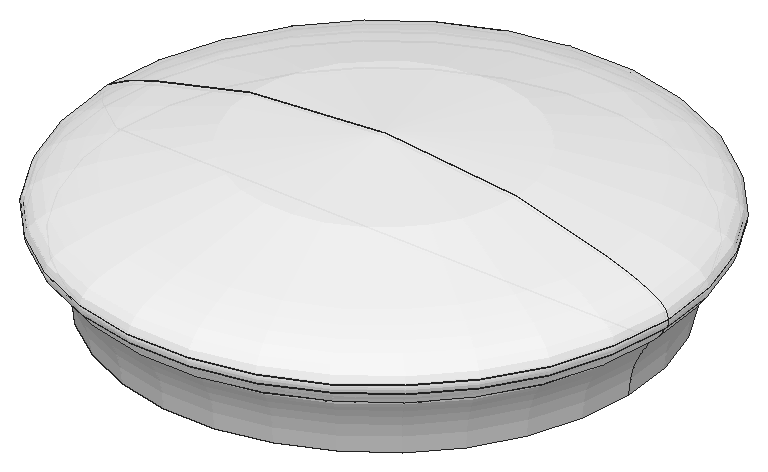
Revit family "0043413", category Lighting Devices, host Face, Revit 2023
Family settings
  Host = Face
  Round Connector Dimension = Use Diameter
  Part Type = Normal
  OmniClass Number = 23.80.70.00
  OmniClass Title = Lighting
  Cut with Voids When Loaded = No
  Maintain Annotation Orientation = No
  Shared = No
  Room Calculation Point = No
Parameters (values of type "START SURFACE IP54 2500-4000 830/840 EM")
  Weight = "1.34 kg"
  Wattage Comments = ""
  WarrantyStartDate [instance] = "n/a"
  WarrantyGuarantorParts = "n/a"
  WarrantyDurationUnit = "Years"
  WarrantyDurationParts = "5"
  WarrantyDescription = "http://www.sylvania-group.com"
  Voltage = 230 V
  URL = "http://www.sylvania-group.com"
  TypeName = "START Surface IP54 - 400mm"
  Type Image = <None>
  Type IFC Predefined Type = "IfcLightFixtureType"
  Type Comments = "n/a"
  SerialNumber [instance] = "n/a"
  Material_3_SYL = none
  PowerFactor = 0.8
  PowerConsumption = "36 W"
  NominalLength = NominalDepth  # 400 mm
  NominalHeight = if(NominalDepth = 300 mm, 94 mm, 105 mm)  # 105 mm
  NominalDepth = 400 mm
  Name = "START SURFACE IP54 2500-4000 830/840 EM"
  ModelReference = Name  # "START SURFACE IP54 2500-4000 830/840 EM"
  ModelNumber = "0043413"
  Model = Name  # "START SURFACE IP54 2500-4000 830/840 EM"
  Material = "Polycarbonate"
  ManufacturerName = Manufacturer  # "Feilo Sylvania"
  Manufacturer = "Feilo Sylvania"
  LuminousEfficacy = "111 lm/W"
  LuminaireType = "Ceiling / surface mounting"
  Light10_4000K_Emergency [instance] = (LightSettingControl = 10)  # no
  Light9_4000K_36W [instance] = (LightSettingControl = 9)  # no
  Light8_4000K_32W [instance] = (LightSettingControl = 8)  # no
  Light7_4000K_28W [instance] = (LightSettingControl = 7)  # no
  Light6_4000K_24W [instance] = (LightSettingControl = 6)  # no
  Light5_3000K_Emergency [instance] = (LightSettingControl = 5)  # no
  Light4_3000K_36W [instance] = (LightSettingControl = 4)  # no
  Light3_3000K_32W [instance] = (LightSettingControl = 3)  # no
  Light2_3000K_28W [instance] = (LightSettingControl = 2)  # no
  Light1_3000K_24W [instance] = (LightSettingControl = 1)  # yes
  LightSetting [instance] = 1
  LightOutputRatio = ""
  LampsType = Lamp  # "LED"
  LampNominalLuminous = "4000 lm"
  LampMacAdamStep = "6"
  LampColourTemperature = "3000/4000K"
  LampColourRenderingIndex = "80"
  Lamp = "LED"
  Keynote = "16500"
  InstallationDate [instance] = "n/a"
  InputVoltage = "220-240 V"
  InputNominalFrequency = "50/60Hz"
  IngressProtection = "IP54"
  ImpactProtectionIndex = "IK03"
  IfcExportType = "IfcLightFixtureType"
  IfcExportAs = "IfcLightFixtureType"
  Export Type to IFC As = "IfcLightFixtureType"
  ElectricShockClassification = "Class II"
  DocumentationLiterature = "https://www.sylvania-lighting.com/product/en-int/products/0043413/"
  DimmingControlOptions = "n/a"
  Material_2_SYL = PMMA Acrylic_Opal_4000K
  DiffuserRadius = if(NominalDepth = 300 mm, 150 mm, 200 mm)  # 200 mm
  Description = "Ceiling / wall luminaire with integrated LED. Perfect solution for hallways, circulation spaces or foyers. Body Size diameter 400mm. Besa mounting box compatible, hole distance 51 & 78mm. DualTone functionality enables switch between 3000K and 4000K colour temperatures. With the help of DIP Switch multiple lumen outputs can be set up in 4 steps (4000K: 24W 2500lm, 28W 3000lm, 32W 3500lm, 36W 4000lm). Efficacy up to 111lm/W. Non-dimmable. Equipped with integrated self test 3 hours LiFePO4 emergency kit. Lumen output in emergency mode: 400lm (3000K) / 430lm (4000K). IK03, IP54. Low maintenance with lifespan 120,000 hours L70:B50."
  Default Elevation = 1219.2 mm
  CreatedOn = "27/08/2024"
  CreatedBy = "petra.pavlicz@sylvania-lighting.com"
  Cost = 0
  Coefficient of Utilization [instance] = 0
  ClassificationValue = "EF_70_80"
  ClassificationName = "Uniclass2015"
  Material_1_SYL = PC Polycarbonate_RAL 9003_Signal white
  BottomRadius = if(NominalDepth = 300 mm, 130 mm, 172 mm)  # 172 mm
  BodyRadius = if(NominalDepth = 300 mm, 140 mm, 186 mm)  # 186 mm
  BodyHeight = if(NominalDepth = 300 mm, 30 mm, 39.5 mm)  # 39.5 mm
  BarCode [instance] = "n/a"
  AssetType = "Fixed"
  AssetIdentifier [instance] = "n/a"
  Assembly Code = "D5020200"
  Material_4_SYL = none
  Apparent Load = 45 VA
  LightSettingControl [instance] = if(LightSetting < 1, 1, if(LightSetting > 10, 10, LightSetting))  # 1
Reference planes
  plane 1 "Center (Front/Back)": y = 0
  plane 2: z = 0
  plane 3 "Center (Left/Right)": x = 0
  plane 4: y = 200
  plane 5: y = -200
  plane 6: x = -200
  plane 7: x = 200
  plane 8 "Top": z = 105
  plane 9 "Body height": z = 39.5
  plane 10 "Bottom width": x = -172
  plane 11 "Body width": x = -186
  plane 12 "Void": z = 18.7
Forms (mm)
  Extrusion 1, solid, material "PMMA Acrylic_Opal_4000K" <- "Material_2_SYL", detail levels coarse
    sketch origin (0, 0, 0) x (1, 0, 0) y (0, 1, 0)
      loop
        circle (0, 0) r 200
    from 0 to 105
  Revolve 2, solid, material "PC Polycarbonate_RAL 9003_Signal white" <- "Material_1_SYL", detail levels medium+fine
    sketch origin (0, 0, 0) x (1, 0, 0) y (0, 0, 1)
      loop
        line (-172, 0) -> (0, 0) -> (0, 39.5) -> (-186, 39.5)
        spline (-186, 39.5) -> (-186.109, 38.543) -> (-185.648, 37.307) -> (-184.718, 35.748) -> (-183.421, 33.823) -> (-181.858, 31.487) -> (-180.13, 28.698) -> (-178.34, 25.412) -> (-176.588, 21.585) -> (-174.977, 17.174) -> (-173.607, 12.135) -> (-172.581, 6.425) -> (-172, 0)
      axis (0, 39.5) -> (0, 0)
    angle from 0 to 360
  Revolve 3, solid, material "PMMA Acrylic_Opal_4000K" <- "Material_2_SYL", detail levels medium+fine
    sketch origin (0, 0, 0) x (1, 0, 0) y (0, 0, 1)
      loop
        line (-186, 39.5) -> (0, 39.5) -> (0, 41.517) -> (-185.367, 41.517)
        spline (-185.367, 41.517) -> (-186.081, 41.477) -> (-186.74, 41.538) -> (-187.374, 41.722) -> (-188.011, 42.049) -> (-188.68, 42.54) -> (-189.41, 43.216) -> (-190.229, 44.097) -> (-191.166, 45.205) -> (-192.249, 46.561) -> (-193.508, 48.185) -> (-194.971, 50.097) -> (-196.666, 52.32)
        spline (-196.666, 52.32) -> (-196.915, 52.685) -> (-197.139, 53.057) -> (-197.337, 53.435) -> (-197.509, 53.82) -> (-197.655, 54.212) -> (-197.776, 54.611) -> (-197.871, 55.017) -> (-197.94, 55.43) -> (-197.984, 55.85) -> (-198.002, 56.276) -> (-197.994, 56.71) -> (-197.961, 57.15)
        spline (-197.961, 57.15) -> (-195.398, 62.805) -> (-188.98, 67.736) -> (-179.352, 72.201) -> (-167.154, 76.458) -> (-153.031, 80.765) -> (-137.417, 85.26) -> (-120.156, 89.746) -> (-100.985, 93.967) -> (-79.646, 97.664) -> (-55.875, 100.582) -> (-29.414, 102.463) -> (0, 103.051)
        line (0, 103.051) -> (0, 105)
        spline (0, 105) -> (-29.823, 104.298) -> (-56.766, 102.351) -> (-81.045, 99.395) -> (-102.875, 95.668) -> (-122.47, 91.406) -> (-140.044, 86.846) -> (-155.814, 82.225) -> (-169.903, 77.728) -> (-181.929, 73.241) -> (-191.329, 68.543) -> (-197.54, 63.416) -> (-200, 57.64)
        spline (-200, 57.64) -> (-200.022, 57.032) -> (-200.011, 56.433) -> (-199.966, 55.844) -> (-199.886, 55.266) -> (-199.773, 54.697) -> (-199.625, 54.139) -> (-199.444, 53.59) -> (-199.229, 53.052) -> (-198.979, 52.524) -> (-198.696, 52.006) -> (-198.379, 51.498) -> (-198.028, 51)
        spline (-198.028, 51) -> (-196.223, 48.634) -> (-194.666, 46.597) -> (-193.326, 44.869) -> (-192.173, 43.426) -> (-191.175, 42.247) -> (-190.304, 41.308) -> (-189.527, 40.589) -> (-188.815, 40.066) -> (-188.136, 39.718) -> (-187.462, 39.523) -> (-186.76, 39.457) -> (-186, 39.5)
      axis (0, 105) -> (0, 39.5)
    angle from 360 to 0
  Extrusion 4, void
    sketch origin (0, 0, 0) x (1, 0, 0) y (0, 1, 0)
      loop
        circle (0, 0) r 157.5
    from 0 to 18.7
Cuts and joins
  Extrusion 4 cuts Revolve 2
Dimensions and locks
  "NominalDepth": plane 4 to plane 5
  equal spacing: plane 4, plane 1 "Center (Front/Back)", plane 5
  "NominalLength": plane 6 to plane 7
  equal spacing: plane 6, plane 3 "Center (Left/Right)", plane 7
  "NominalHeight": plane 8 "Top" to plane 2
  "BottomRadius": plane 3 "Center (Left/Right)" to plane 10 "Bottom width"
  "BodyRadius": plane 3 "Center (Left/Right)" to plane 11 "Body width"
  "BodyHeight": plane 9 "Body height" to plane 2
  "DiffuserRadius": plane 3 "Center (Left/Right)" to plane 6
  locked: plane 12 "Void" to plane 2 at 18.7
  "NominalDepth": diameter of Extrusion 1 sketch curve
  diameter of cut or joined group of Revolve 2, Extrusion 4 = 315 mm
  aligned and locked: plane 2 to host face
  aligned and locked: level to host face
  aligned and locked: Extrusion 1 to plane 2
  aligned and locked: plane 8 "Top" to Extrusion 1
  aligned and locked: Revolve 2 sketch curve to plane 3 "Center (Left/Right)"
  aligned and locked: Revolve 2 to plane 9 "Body height"
  aligned and locked: Revolve 2 to plane 2
  aligned and locked: plane 10 "Bottom width" to Revolve 2 sketch curve
  aligned and locked: plane 11 "Body width" to Revolve 2 sketch curve
  aligned and locked: Revolve 2 sketch curve to plane 2
  aligned and locked: Revolve 2 sketch curve to plane 9 "Body height"
  aligned and locked: plane 8 "Top" to Revolve 3 sketch curve
  aligned and locked: plane 6 to Revolve 3 sketch curve
  aligned and locked: Revolve 3 sketch curve to plane 9 "Body height"
  aligned and locked: plane 11 "Body width" to Revolve 3 sketch curve
  aligned and locked: cut or joined group of Revolve 2, Extrusion 4 to plane 2
  aligned and locked: cut or joined group of Revolve 2, Extrusion 4 to plane 12 "Void"
  aligned and locked: plane 3 "Center (Left/Right)" to Extrusion 4 sketch curve
  aligned and locked: plane 1 "Center (Front/Back)" to Extrusion 4 sketch curve
  aligned and locked: plane 3 "Center (Left/Right)" to Revolve 3 sketch curve  (x2)
Automatic sketch dimensions
  host sketch curve to host sketch curve = 2438.4 mm  (x2)
  Revolve 2 sketch curve to plane 3 "Center (Left/Right)" = 0 mm
  Revolve 2 sketch curve to level = 609.6 mm
  plane 8 "Top" to Revolve 2 sketch curve = 2515.058 mm
  Revolve 3 sketch curve to plane 3 "Center (Left/Right)" = 0 mm
  plane 6 to Revolve 3 sketch curve = 1.972 mm
  plane 6 to Revolve 3 sketch curve = 2.039 mm
  Revolve 3 sketch curve to Revolve 3 sketch curve = 1.361 mm
  plane 11 "Body width" to Revolve 3 sketch curve = 0.633 mm
  plane 9 "Body height" to Revolve 3 sketch curve = 2.017 mm
  plane 9 "Body height" to Revolve 3 sketch curve = 11.5 mm
  Revolve 3 sketch curve to Revolve 3 sketch curve = 1.32 mm
  Revolve 3 sketch curve to Revolve 3 sketch curve = 4.83 mm
  Revolve 3 sketch curve to Revolve 3 sketch curve = 0.49 mm
  Revolve 3 sketch curve to plane 8 "Top" = 1.949 mm
  Revolve 3 sketch curve to level = 609.6 mm
  Revolve 3 sketch curve to Revolve 3 sketch curve = 2515.058 mm
  plane 1 "Center (Front/Back)" to Extrusion 1 sketch curve = 0 mm
  Extrusion 1 sketch curve to plane 3 "Center (Left/Right)" = 0 mm
  radius of Extrusion 4 sketch curve = 157.5 mm
Nested families
  nested 1: "0043413_3000K_24W_lightsource" at (0, 0, 105) x (-1, 0, 0) z (0, 0, 1), visible <- "Light1_3000K_24W", type "START SURFACE IP54 2500-4000 830/840 EM lightsource"
    with built-in parameter 1114216 (empty or 0)
  nested 2: "0043413_3000K_28W_lightsource" at (0, 0, 105) x (-1, 0, 0) z (0, 0, 1), visible <- "Light2_3000K_28W", type "START SURFACE IP54 2500-4000 830/840 EM lightsource"
    with built-in parameter 1114216 (empty or 0)
  nested 3: "0043413_3000K_32W_lightsource" at (0, 0, 105) x (-1, 0, 0) z (0, 0, 1), visible <- "Light3_3000K_32W", type "START SURFACE IP54 2500-4000 830/840 EM lightsource"
    with built-in parameter 1114216 (empty or 0)
  nested 4: "0043413_3000K_36W_lightsource" at (0, 0, 105) x (-1, 0, 0) z (0, 0, 1), visible <- "Light4_3000K_36W", type "START SURFACE IP54 2500-4000 830/840 EM lightsource"
    with built-in parameter 1114216 (empty or 0)
  nested 5: "0043413_3000K_EM_lightsource" at (0, 0, 105) x (-1, 0, 0) z (0, 0, 1), visible <- "Light5_3000K_Emergency", type "START SURFACE IP54 2500-4000 830/840 EM lightsource"
    with built-in parameter 1114216 (empty or 0)
  nested 6: "0043413_4000K_24W_lightsource" at (0, 0, 105) x (-1, 0, 0) z (0, 0, 1), visible <- "Light6_4000K_24W", type "START SURFACE IP54 2500-4000 830/840 EM lightsource"
    with built-in parameter 1114216 (empty or 0)
  nested 7: "0043413_4000K_28W_lightsource" at (0, 0, 105) x (-1, 0, 0) z (0, 0, 1), visible <- "Light7_4000K_28W", type "START SURFACE IP54 2500-4000 830/840 EM lightsource"
    with built-in parameter 1114216 (empty or 0)
  nested 8: "0043413_4000K_32W_lightsource" at (0, 0, 105) x (-1, 0, 0) z (0, 0, 1), visible <- "Light8_4000K_32W", type "START SURFACE IP54 2500-4000 830/840 EM lightsource"
    with built-in parameter 1114216 (empty or 0)
  nested 9: "0043413_4000K_36W_lightsource" at (0, 0, 105) x (-1, 0, 0) z (0, 0, 1), visible <- "Light9_4000K_36W", type "START SURFACE IP54 2500-4000 830/840 EM lightsource"
    with built-in parameter 1114216 (empty or 0)
  nested 10: "0043413_4000K_EM_lightsource" at (0, 0, 105) x (-1, 0, 0) z (0, 0, 1), type "START SURFACE IP54 2500-4000 830/840 EM lightsource"
    with built-in parameter 1114216 (empty or 0)
Connectors
  electrical at (0, 0, 0), driven by "Apparent Load", driven by "PowerFactor", driven by "Voltage"
    settings: index 1, voltage 230 V, apparent load 45 VA, apparent load phase1 0 VA, apparent load phase2 0 VA, apparent load phase3 0 VA, power factor 0.8, load classification "Lighting", number of poles 1, system type 30, power factor state 1, is connector primary yes, connector utility no, sub classification motor no, connector description ""
Definition of nested family "0043413_3000K_24W_lightsource"
  Parameters (values of type "START SURFACE IP54 2500-4000 830/840 EM lightsource")
    Wattage Comments = "n/a"
    Wattage = 24 W
    built-in parameter 1150110 = 1 (stored number, unit not read)
    URL = "http://www.sylvania-lighting.com"
    Type Image = (empty or 0)
    Type Comments = "n/a"
    built-in parameter 1114217 = 1 (stored number, unit not read)
    Tilt Angle = -90.00°
    built-in parameter 1150109 = 1 (stored number, unit not read)
    built-in parameter 1150134 = (empty or 0)
    built-in parameter 1150113 = 1 (stored number, unit not read)
    Photometric Web File = "0043413_3000K_24W.IES"
    Model = "START SURFACE IP54 2500-4000 830/840 EM lightsource"
    Manufacturer = "Feilo Sylvania"
    built-in parameter 1150105 = 637.23 (stored number, unit not read)
    Lumens = 2664 lm
    built-in parameter 1150115 = 1 (stored number, unit not read)
    built-in parameter 1150137 = (empty or 0)
    built-in parameter 1150139 = (empty or 0)
    built-in parameter 1150112 = 1 (stored number, unit not read)
    built-in parameter 1150114 = 1 (stored number, unit not read)
    Lamp = "LED"
    Keynote = "16500"
    built-in parameter 1150132 = (empty or 0)
    built-in parameter 1150102 = 111
    built-in parameter 1150107 = 3000 (stored number, unit not read)
    built-in parameter 1150138 = (empty or 0)
    built-in parameter 1150106 = 6.3723 (stored number, unit not read)
    Emit from Circle Diameter = 400 mm  # constant formula
    Emit Shape Visible in Rendering = no
    built-in parameter 1150104 = 10.312 (stored number, unit not read)
    Dimming Lamp Color Temperature Shift = (empty or 0)
    Description = ""
    Default Elevation = 1219.2 mm
    Cost = 0
    Color Filter = 16777215
    built-in parameter 1114216 [instance] = (empty or 0)
    built-in parameter 1114218 = 1 (stored number, unit not read)
    built-in parameter 1150133 = 10 (stored number, unit not read)
    Assembly Code = "D5020200"
    Apparent Load = 0 VA
  Reference planes
    plane 1 "Center (Front/Back)": y = 0
    plane 2: z = 0
    plane 3 "Center (Left/Right)": x = 0
  Forms (mm)
    Extrusion 1, solid
      sketch origin (4.2, 0, 0) x (1, 0, 0) y (0, 1, 0)
        loop
          line (-1219.2, 1219.2) -> (-1219.2, -1219.2) -> (1219.2, -1219.2) -> (1219.2, 1219.2) -> (-1219.2, 1219.2)
      from 0 to -68.017
  Dimensions and locks
    aligned and locked: plane 2 to Extrusion 1
    aligned and locked: level to Extrusion 1
Definition of nested family "0043413_3000K_28W_lightsource"
  Parameters (values of type "START SURFACE IP54 2500-4000 830/840 EM lightsource")
    Wattage Comments = "n/a"
    Wattage = 28 W
    built-in parameter 1150110 = 1 (stored number, unit not read)
    URL = "http://www.sylvania-lighting.com"
    Type Image = (empty or 0)
    Type Comments = "n/a"
    built-in parameter 1114217 = 1 (stored number, unit not read)
    Tilt Angle = -90.00°
    built-in parameter 1150109 = 1 (stored number, unit not read)
    built-in parameter 1150134 = (empty or 0)
    built-in parameter 1150113 = 1 (stored number, unit not read)
    Photometric Web File = "0043413_3000K_28W.IES"
    Model = "START SURFACE IP54 2500-4000 830/840 EM lightsource"
    Manufacturer = "Feilo Sylvania"
    built-in parameter 1150105 = 743.43 (stored number, unit not read)
    Lumens = 3108 lm
    built-in parameter 1150115 = 1 (stored number, unit not read)
    built-in parameter 1150137 = (empty or 0)
    built-in parameter 1150139 = (empty or 0)
    built-in parameter 1150112 = 1 (stored number, unit not read)
    built-in parameter 1150114 = 1 (stored number, unit not read)
    Lamp = "LED"
    Keynote = "16500"
    built-in parameter 1150132 = (empty or 0)
    built-in parameter 1150102 = 111
    built-in parameter 1150107 = 3000 (stored number, unit not read)
    built-in parameter 1150138 = (empty or 0)
    built-in parameter 1150106 = 7.4343 (stored number, unit not read)
    Emit from Circle Diameter = 400 mm  # constant formula
    Emit Shape Visible in Rendering = no
    built-in parameter 1150104 = 10.312 (stored number, unit not read)
    Dimming Lamp Color Temperature Shift = (empty or 0)
    Description = ""
    Default Elevation = 1219.2 mm
    Cost = 0
    Color Filter = 16777215
    built-in parameter 1114216 [instance] = (empty or 0)
    built-in parameter 1114218 = 1 (stored number, unit not read)
    built-in parameter 1150133 = 10 (stored number, unit not read)
    Assembly Code = "D5020200"
    Apparent Load = 0 VA
  Reference planes
    plane 1 "Center (Front/Back)": y = 0
    plane 2: z = 0
    plane 3 "Center (Left/Right)": x = 0
  Forms (mm)
    Extrusion 1, solid
      sketch origin (4.2, 0, 0) x (1, 0, 0) y (0, 1, 0)
        loop
          line (-1219.2, 1219.2) -> (-1219.2, -1219.2) -> (1219.2, -1219.2) -> (1219.2, 1219.2) -> (-1219.2, 1219.2)
      from 0 to -68.017
  Dimensions and locks
    aligned and locked: plane 2 to Extrusion 1
    aligned and locked: level to Extrusion 1
Definition of nested family "0043413_3000K_32W_lightsource"
  Parameters (values of type "START SURFACE IP54 2500-4000 830/840 EM lightsource")
    Wattage Comments = "n/a"
    Wattage = 32 W
    built-in parameter 1150110 = 1 (stored number, unit not read)
    URL = "http://www.sylvania-lighting.com"
    Type Image = (empty or 0)
    Type Comments = "n/a"
    built-in parameter 1114217 = 1 (stored number, unit not read)
    Tilt Angle = -90.00°
    built-in parameter 1150109 = 1 (stored number, unit not read)
    built-in parameter 1150134 = (empty or 0)
    built-in parameter 1150113 = 1 (stored number, unit not read)
    Photometric Web File = "0043413_3000K_32W.IES"
    Model = "START SURFACE IP54 2500-4000 830/840 EM lightsource"
    Manufacturer = "Feilo Sylvania"
    built-in parameter 1150105 = 849.64 (stored number, unit not read)
    Lumens = 3552 lm
    built-in parameter 1150115 = 1 (stored number, unit not read)
    built-in parameter 1150137 = (empty or 0)
    built-in parameter 1150139 = (empty or 0)
    built-in parameter 1150112 = 1 (stored number, unit not read)
    built-in parameter 1150114 = 1 (stored number, unit not read)
    Lamp = "LED"
    Keynote = "16500"
    built-in parameter 1150132 = (empty or 0)
    built-in parameter 1150102 = 111
    built-in parameter 1150107 = 3000 (stored number, unit not read)
    built-in parameter 1150138 = (empty or 0)
    built-in parameter 1150106 = 8.4964 (stored number, unit not read)
    Emit from Circle Diameter = 400 mm  # constant formula
    Emit Shape Visible in Rendering = no
    built-in parameter 1150104 = 10.312 (stored number, unit not read)
    Dimming Lamp Color Temperature Shift = (empty or 0)
    Description = ""
    Default Elevation = 1219.2 mm
    Cost = 0
    Color Filter = 16777215
    built-in parameter 1114216 [instance] = (empty or 0)
    built-in parameter 1114218 = 1 (stored number, unit not read)
    built-in parameter 1150133 = 10 (stored number, unit not read)
    Assembly Code = "D5020200"
    Apparent Load = 0 VA
  Reference planes
    plane 1 "Center (Front/Back)": y = 0
    plane 2: z = 0
    plane 3 "Center (Left/Right)": x = 0
  Forms (mm)
    Extrusion 1, solid
      sketch origin (4.2, 0, 0) x (1, 0, 0) y (0, 1, 0)
        loop
          line (-1219.2, 1219.2) -> (-1219.2, -1219.2) -> (1219.2, -1219.2) -> (1219.2, 1219.2) -> (-1219.2, 1219.2)
      from 0 to -68.017
  Dimensions and locks
    aligned and locked: plane 2 to Extrusion 1
    aligned and locked: level to Extrusion 1
Definition of nested family "0043413_3000K_36W_lightsource"
  Parameters (values of type "START SURFACE IP54 2500-4000 830/840 EM lightsource")
    Wattage Comments = "n/a"
    Wattage = 36 W
    built-in parameter 1150110 = 1 (stored number, unit not read)
    URL = "http://www.sylvania-lighting.com"
    Type Image = (empty or 0)
    Type Comments = "n/a"
    built-in parameter 1114217 = 1 (stored number, unit not read)
    Tilt Angle = -90.00°
    built-in parameter 1150109 = 1 (stored number, unit not read)
    built-in parameter 1150134 = (empty or 0)
    built-in parameter 1150113 = 1 (stored number, unit not read)
    Photometric Web File = "0043413_3000K_36W.IES"
    Model = "START SURFACE IP54 2500-4000 830/840 EM lightsource"
    Manufacturer = "Feilo Sylvania"
    built-in parameter 1150105 = 955.84 (stored number, unit not read)
    Lumens = 3996 lm
    built-in parameter 1150115 = 1 (stored number, unit not read)
    built-in parameter 1150137 = (empty or 0)
    built-in parameter 1150139 = (empty or 0)
    built-in parameter 1150112 = 1 (stored number, unit not read)
    built-in parameter 1150114 = 1 (stored number, unit not read)
    Lamp = "LED"
    Keynote = "16500"
    built-in parameter 1150132 = (empty or 0)
    built-in parameter 1150102 = 111
    built-in parameter 1150107 = 3000 (stored number, unit not read)
    built-in parameter 1150138 = (empty or 0)
    built-in parameter 1150106 = 9.5584 (stored number, unit not read)
    Emit from Circle Diameter = 400 mm  # constant formula
    Emit Shape Visible in Rendering = no
    built-in parameter 1150104 = 10.312 (stored number, unit not read)
    Dimming Lamp Color Temperature Shift = (empty or 0)
    Description = ""
    Default Elevation = 1219.2 mm
    Cost = 0
    Color Filter = 16777215
    built-in parameter 1114216 [instance] = (empty or 0)
    built-in parameter 1114218 = 1 (stored number, unit not read)
    built-in parameter 1150133 = 10 (stored number, unit not read)
    Assembly Code = "D5020200"
    Apparent Load = 0 VA
  Reference planes
    plane 1 "Center (Front/Back)": y = 0
    plane 2: z = 0
    plane 3 "Center (Left/Right)": x = 0
  Forms (mm)
    Extrusion 1, solid
      sketch origin (4.2, 0, 0) x (1, 0, 0) y (0, 1, 0)
        loop
          line (-1219.2, 1219.2) -> (-1219.2, -1219.2) -> (1219.2, -1219.2) -> (1219.2, 1219.2) -> (-1219.2, 1219.2)
      from 0 to -68.017
  Dimensions and locks
    aligned and locked: plane 2 to Extrusion 1
    aligned and locked: level to Extrusion 1
Definition of nested family "0043413_3000K_EM_lightsource"
  Parameters (values of type "START SURFACE IP54 2500-4000 830/840 EM lightsource")
    Wattage Comments = "n/a"
    Wattage = 2.9 W
    built-in parameter 1150110 = 1 (stored number, unit not read)
    URL = "http://www.sylvania-lighting.com"
    Type Image = (empty or 0)
    Type Comments = "n/a"
    built-in parameter 1114217 = 1 (stored number, unit not read)
    Tilt Angle = -90.00°
    built-in parameter 1150109 = 1 (stored number, unit not read)
    built-in parameter 1150134 = (empty or 0)
    built-in parameter 1150113 = 1 (stored number, unit not read)
    Photometric Web File = "0043413_3000K_EM.IES"
    built-in parameter 1150142 = "IESNA:LM-63-2002\r\n[TEST] 20231017002M-01\r\n[TESTLAB] \r\n[TESTDATE] 27 Jan 2000\r\n[ISSUEDATE] 27 Jan 2000\r\n[MANUFAC] SYLVANIA\r\n[LUMCAT] 0043413\r\n[LUMINAIRE] START Surface IP44 Multip 4000lm 830 840 EM-3000K §Ú§à|?§Ò©¸\r\n[FLASHAREA] 0.030401\r\n[LAMPCAT] LED\r\n[LAMP] LED\r\nTILT=NONE\r\n1 424.80 1.0 181 4 1 2 -0.400 -0.400 0.000\r\n1.00 1.00 2.90\r\n0.00 1.00 2.00 3.00 4.00 5.00 6.00 7.00 8.00 9.00 10.00 \r\n11.00 12.00 13.00 14.00 15.00 16.00 17.00 18.00 19.00 \r\n20.00 21.00 22.00 23.00 24.00 25.00 26.00 27.00 28.00 \r\n29.00 30.00 31.00 32.00 33.00 34.00 35.00 36.00 37.00 \r\n38.00 39.00 40.00 41.00 42.00 43.00 44.00 45.00 46.00 \r\n47.00 48.00 49.00 50.00 51.00 52.00 53.00 54.00 55.00 \r\n56.00 57.00 58.00 59.00 60.00 61.00 62.00 63.00 64.00 \r\n65.00 66.00 67.00 68.00 69.00 70.00 71.00 72.00 73.00 \r\n74.00 75.00 76.00 77.00 78.00 79.00 80.00 81.00 82.00 \r\n83.00 84.00 85.00 86.00 87.00 88.00 89.00 90.00 91.00 \r\n92.00 93.00 94.00 95.00 96.00 97.00 98.00 99.00 100.00 \r\n101.00 102.00 103.00 104.00 105.00 106.00 107.00 108.00 \r\n109.00 110.00 111.00 112.00 113.00 114.00 115.00 116.00 \r\n117.00 118.00 119.00 120.00 121.00 122.00 123.00 124.00 \r\n125.00 126.00 127.00 128.00 129.00 130.00 131.00 132.00 \r\n133.00 134.00 135.00 136.00 137.00 138.00 139.00 140.00 \r\n141.00 142.00 143.00 144.00 145.00 146.00 147.00 148.00 \r\n149.00 150.00 151.00 152.00 153.00 154.00 155.00 156.00 \r\n157.00 158.00 159.00 160.00 161.00 162.00 163.00 164.00 \r\n165.00 166.00 167.00 168.00 169.00 170.00 171.00 172.00 \r\n173.00 174.00 175.00 176.00 177.00 178.00 179.00 180.00 \r\n0.00 30.00 60.00 90.00 \r\n105.65 105.56 105.52 105.44 105.31 105.18 105.05 104.84 \r\n104.63 104.42 104.16 103.91 103.57 103.27 102.89 102.50 \r\n102.12 101.65 101.23 100.72 100.21 99.66 99.06 98.47 \r\n97.79 97.15 96.47 95.75 94.99 94.18 93.37 92.48 91.63 \r\n90.74 89.68 88.70 87.68 86.62 85.55 84.49 83.35 82.24 \r\n81.05 79.86 78.63 77.36 76.04 74.72 73.36 71.96 70.56 \r\n69.16 67.71 66.23 64.74 63.25 61.72 60.15 58.58 57.05 \r\n55.44 53.86 52.25 50.68 49.06 47.45 45.84 44.26 42.69 \r\n41.09 39.52 38.02 36.47 34.97 33.50 32.05 30.66 29.36 \r\n28.08 26.79 25.51 24.32 23.10 22.01 20.99 20.01 19.06 \r\n18.18 17.36 16.58 15.89 15.19 14.57 14.01 13.50 13.02 \r\n12.57 12.16 11.81 11.47 11.17 10.90 10.68 10.46 10.26 \r\n10.08 9.93 9.80 9.66 9.54 9.43 9.31 9.20 9.08 8.98 8.84 \r\n8.72 8.62 8.50 8.40 8.31 8.19 8.05 7.92 7.79 7.65 7.51 \r\n7.37 7.23 7.09 6.93 6.80 6.64 6.47 6.33 6.19 6.04 5.88 \r\n5.73 5.56 5.39 5.21 5.03 4.86 4.71 4.59 4.46 4.34 4.23 \r\n4.13 3.98 3.85 3.75 3.72 3.69 3.66 3.63 3.60 3.57 3.47 \r\n3.34 3.23 3.14 3.02 2.91 2.84 2.69 2.52 2.36 2.19 2.02 \r\n1.80 1.55 1.20 0.96 0.82 0.74 0.61 0.61 0.61 0.61 \r\n105.65 105.65 105.61 105.52 105.44 105.31 105.18 105.01 \r\n104.84 104.59 104.37 104.12 103.82 103.44 103.14 102.76 \r\n102.33 101.91 101.44 100.97 100.47 99.91 99.32 98.72 \r\n98.09 97.45 96.77 96.05 95.28 94.52 93.67 92.86 91.97 \r\n91.12 90.19 89.17 88.19 87.17 86.15 85.13 83.98 82.84 \r\n81.65 80.46 79.27 77.95 76.68 75.36 74.00 72.64 71.28 \r\n69.84 68.39 66.91 65.46 63.97 62.45 60.87 59.34 57.77 \r\n56.20 54.59 52.97 51.36 49.79 48.13 46.52 44.94 43.33 \r\n41.79 40.19 38.67 37.14 35.64 34.15 32.70 31.29 29.91 \r\n28.61 27.27 26.07 24.88 23.73 22.59 21.50 20.49 19.49 \r\n18.54 17.72 16.95 16.22 15.56 14.93 14.37 13.83 13.37 \r\n12.92 12.53 12.15 11.81 11.53 11.23 11.00 10.76 10.56 \r\n10.39 10.23 10.07 9.95 9.83 9.73 9.63 9.55 9.46 9.40 9.32 \r\n9.25 9.18 9.12 9.04 8.98 8.90 8.82 8.75 8.65 8.59 8.51 \r\n8.43 8.35 8.27 8.19 8.12 8.03 7.91 7.82 7.73 7.61 7.49 \r\n7.37 7.26 7.12 6.98 6.86 6.72 6.58 6.44 6.30 6.17 6.05 \r\n5.94 5.84 5.70 5.55 5.40 5.20 4.94 4.72 4.52 4.33 4.17 \r\n4.02 3.87 3.70 3.53 3.35 3.19 3.03 2.86 2.66 2.42 2.17 \r\n1.89 1.69 1.62 1.34 1.05 0.83 0.66 0.63 0.63 0.62 \r\n105.65 105.65 105.61 105.56 105.48 105.44 105.31 105.18 \r\n105.01 104.84 104.67 104.42 104.16 103.91 103.57 103.27 \r\n102.93 102.55 102.12 101.70 101.23 100.76 100.25 99.70 \r\n99.15 98.51 97.87 97.19 96.51 95.79 95.03 94.22 93.41 \r\n92.56 91.67 90.74 89.76 88.74 87.72 86.66 85.60 84.49 \r\n83.39 82.20 81.01 79.82 78.59 77.31 76.00 74.68 73.32 \r\n71.96 70.52 69.11 67.67 66.18 64.70 63.17 61.64 60.11 \r\n58.54 56.92 55.35 53.78 52.17 50.51 48.94 47.32 45.71 \r\n44.09 42.46 40.90 39.37 37.77 36.26 34.73 33.27 31.79 \r\n30.36 28.98 27.64 26.37 25.11 23.95 22.79 21.76 20.77 \r\n19.79 18.86 18.00 17.23 16.46 15.78 15.14 14.55 14.01 \r\n13.51 13.06 12.64 12.26 11.90 11.57 11.29 11.04 10.79 \r\n10.59 10.39 10.24 10.10 9.96 9.85 9.74 9.66 9.55 9.48 \r\n9.41 9.33 9.27 9.18 9.13 9.05 8.98 8.90 8.82 8.76 8.67 \r\n8.61 8.54 8.48 8.41 8.34 8.27 8.19 8.11 8.01 7.90 7.78 \r\n7.68 7.57 7.46 7.34 7.20 7.09 6.93 6.78 6.61 6.45 6.30 \r\n6.13 5.99 5.86 5.71 5.61 5.50 5.33 5.13 4.89 4.61 4.32 \r\n4.08 3.88 3.76 3.64 3.49 3.32 3.09 2.85 2.60 2.37 2.15 \r\n1.92 1.79 1.74 1.75 1.52 1.15 0.85 0.66 0.62 0.62 0.62 \r\n105.65 105.65 105.65 105.65 105.65 105.65 105.56 105.44 \r\n105.31 105.18 105.01 104.84 104.59 104.33 104.12 103.82 \r\n103.48 103.14 102.80 102.38 101.95 101.53 101.02 100.51 \r\n99.96 99.40 98.81 98.17 97.49 96.81 96.13 95.37 94.56 \r\n93.80 92.95 92.05 91.16 90.27 89.29 88.32 87.30 86.32 \r\n85.21 84.11 82.92 81.73 80.58 79.31 78.04 76.76 75.44 \r\n74.09 72.68 71.28 69.88 68.44 66.95 65.46 63.93 62.45 \r\n60.87 59.30 57.73 56.07 54.54 52.89 51.27 49.62 48.00 \r\n46.39 44.77 43.16 41.52 39.96 38.40 36.86 35.31 33.83 \r\n32.38 30.91 29.52 28.18 26.88 25.60 24.36 23.21 22.10 \r\n21.00 19.99 18.99 18.06 17.26 16.51 15.82 15.18 14.59 \r\n14.04 13.57 13.11 12.67 12.30 11.95 11.63 11.33 11.08 \r\n10.87 10.65 10.45 10.31 10.14 9.99 9.88 9.77 9.66 9.55 \r\n9.44 9.34 9.24 9.14 9.03 8.94 8.82 8.70 8.57 8.47 8.36 \r\n8.24 8.12 7.96 7.85 7.71 7.60 7.45 7.33 7.23 7.12 7.00 \r\n6.89 6.76 6.67 6.55 6.43 6.30 6.13 5.98 5.85 5.68 5.51 \r\n5.34 5.19 5.06 4.94 4.80 4.66 4.54 4.39 4.26 4.14 3.98 \r\n3.81 3.67 3.50 3.36 3.23 3.08 2.93 2.82 2.74 2.58 2.37 \r\n2.16 1.90 1.77 1.73 1.69 1.39 1.07 0.84 0.68 0.63 0.63 \r\n"
    Model = "START SURFACE IP54 2500-4000 830/840 EM lightsource"
    Manufacturer = "Feilo Sylvania"
    built-in parameter 1150105 = 76.998 (stored number, unit not read)
    Lumens = 321.9 lm
    built-in parameter 1150115 = 1 (stored number, unit not read)
    built-in parameter 1150137 = (empty or 0)
    built-in parameter 1150139 = (empty or 0)
    built-in parameter 1150112 = 1 (stored number, unit not read)
    built-in parameter 1150114 = 1 (stored number, unit not read)
    Lamp = "LED"
    Keynote = "16500"
    built-in parameter 1150132 = (empty or 0)
    built-in parameter 1150102 = 111
    built-in parameter 1150107 = 3000 (stored number, unit not read)
    built-in parameter 1150138 = (empty or 0)
    built-in parameter 1150106 = 0.76998 (stored number, unit not read)
    Emit from Circle Diameter = 400 mm  # constant formula
    Emit Shape Visible in Rendering = no
    built-in parameter 1150104 = 10.312 (stored number, unit not read)
    Dimming Lamp Color Temperature Shift = (empty or 0)
    Description = ""
    Default Elevation = 1219.2 mm
    Cost = 0
    Color Filter = 16777215
    built-in parameter 1114216 [instance] = (empty or 0)
    built-in parameter 1114218 = 1 (stored number, unit not read)
    built-in parameter 1150133 = 10 (stored number, unit not read)
    Assembly Code = "D5020200"
    Apparent Load = 0 VA
  Reference planes
    plane 1 "Center (Front/Back)": y = 0
    plane 2: z = 0
    plane 3 "Center (Left/Right)": x = 0
  Forms (mm)
    Extrusion 1, solid
      sketch origin (4.2, 0, 0) x (1, 0, 0) y (0, 1, 0)
        loop
          line (-1219.2, 1219.2) -> (-1219.2, -1219.2) -> (1219.2, -1219.2) -> (1219.2, 1219.2) -> (-1219.2, 1219.2)
      from 0 to -68.017
  Dimensions and locks
    aligned and locked: plane 2 to Extrusion 1
    aligned and locked: level to Extrusion 1
Definition of nested family "0043413_4000K_24W_lightsource"
  Parameters (values of type "START SURFACE IP54 2500-4000 830/840 EM lightsource")
    Wattage Comments = "n/a"
    Wattage = 24 W
    built-in parameter 1150110 = 1 (stored number, unit not read)
    URL = "http://www.sylvania-lighting.com"
    Type Image = (empty or 0)
    Type Comments = "n/a"
    built-in parameter 1114217 = 1 (stored number, unit not read)
    Tilt Angle = -90.00°
    built-in parameter 1150109 = 1 (stored number, unit not read)
    built-in parameter 1150134 = 12
    built-in parameter 1150113 = 1 (stored number, unit not read)
    Photometric Web File = "0043413_4000K_24W.IES"
    Model = "START SURFACE IP54 2500-4000 830/840 EM lightsource"
    Manufacturer = "Feilo Sylvania"
    built-in parameter 1150105 = 637.23 (stored number, unit not read)
    Lumens = 2664 lm
    built-in parameter 1150115 = 1 (stored number, unit not read)
    built-in parameter 1150137 = (empty or 0)
    built-in parameter 1150139 = (empty or 0)
    built-in parameter 1150112 = 1 (stored number, unit not read)
    built-in parameter 1150114 = 1 (stored number, unit not read)
    Lamp = "LED"
    Keynote = "16500"
    built-in parameter 1150132 = (empty or 0)
    built-in parameter 1150102 = 111
    built-in parameter 1150107 = 4000 (stored number, unit not read)
    built-in parameter 1150138 = (empty or 0)
    built-in parameter 1150106 = 6.3723 (stored number, unit not read)
    Emit from Circle Diameter = 400 mm  # constant formula
    Emit Shape Visible in Rendering = no
    built-in parameter 1150104 = 10.312 (stored number, unit not read)
    Dimming Lamp Color Temperature Shift = (empty or 0)
    Description = ""
    Default Elevation = 1219.2 mm
    Cost = 0
    Color Filter = 16777215
    built-in parameter 1114216 [instance] = (empty or 0)
    built-in parameter 1114218 = 1 (stored number, unit not read)
    built-in parameter 1150133 = 10 (stored number, unit not read)
    Assembly Code = "D5020200"
    Apparent Load = 0 VA
  Reference planes
    plane 1 "Center (Front/Back)": y = 0
    plane 2: z = 0
    plane 3 "Center (Left/Right)": x = 0
  Forms (mm)
    Extrusion 1, solid
      sketch origin (4.2, 0, 0) x (1, 0, 0) y (0, 1, 0)
        loop
          line (-1219.2, 1219.2) -> (-1219.2, -1219.2) -> (1219.2, -1219.2) -> (1219.2, 1219.2) -> (-1219.2, 1219.2)
      from 0 to -68.017
  Dimensions and locks
    aligned and locked: plane 2 to Extrusion 1
    aligned and locked: level to Extrusion 1
Definition of nested family "0043413_4000K_28W_lightsource"
  Parameters (values of type "START SURFACE IP54 2500-4000 830/840 EM lightsource")
    Wattage Comments = "n/a"
    Wattage = 28 W
    built-in parameter 1150110 = 1 (stored number, unit not read)
    URL = "http://www.sylvania-lighting.com"
    Type Image = (empty or 0)
    Type Comments = "n/a"
    built-in parameter 1114217 = 1 (stored number, unit not read)
    Tilt Angle = -90.00°
    built-in parameter 1150109 = 1 (stored number, unit not read)
    built-in parameter 1150134 = 12
    built-in parameter 1150113 = 1 (stored number, unit not read)
    Photometric Web File = "0043413_4000K_28W.IES"
    Model = "START SURFACE IP54 2500-4000 830/840 EM lightsource"
    Manufacturer = "Feilo Sylvania"
    built-in parameter 1150105 = 743.43 (stored number, unit not read)
    Lumens = 3108 lm
    built-in parameter 1150115 = 1 (stored number, unit not read)
    built-in parameter 1150137 = (empty or 0)
    built-in parameter 1150139 = (empty or 0)
    built-in parameter 1150112 = 1 (stored number, unit not read)
    built-in parameter 1150114 = 1 (stored number, unit not read)
    Lamp = "LED"
    Keynote = "16500"
    built-in parameter 1150132 = (empty or 0)
    built-in parameter 1150102 = 111
    built-in parameter 1150107 = 4000 (stored number, unit not read)
    built-in parameter 1150138 = (empty or 0)
    built-in parameter 1150106 = 7.4343 (stored number, unit not read)
    Emit from Circle Diameter = 400 mm  # constant formula
    Emit Shape Visible in Rendering = no
    built-in parameter 1150104 = 10.312 (stored number, unit not read)
    Dimming Lamp Color Temperature Shift = (empty or 0)
    Description = ""
    Default Elevation = 1219.2 mm
    Cost = 0
    Color Filter = 16777215
    built-in parameter 1114216 [instance] = (empty or 0)
    built-in parameter 1114218 = 1 (stored number, unit not read)
    built-in parameter 1150133 = 10 (stored number, unit not read)
    Assembly Code = "D5020200"
    Apparent Load = 0 VA
  Reference planes
    plane 1 "Center (Front/Back)": y = 0
    plane 2: z = 0
    plane 3 "Center (Left/Right)": x = 0
  Forms (mm)
    Extrusion 1, solid
      sketch origin (4.2, 0, 0) x (1, 0, 0) y (0, 1, 0)
        loop
          line (-1219.2, 1219.2) -> (-1219.2, -1219.2) -> (1219.2, -1219.2) -> (1219.2, 1219.2) -> (-1219.2, 1219.2)
      from 0 to -68.017
  Dimensions and locks
    aligned and locked: plane 2 to Extrusion 1
    aligned and locked: level to Extrusion 1
Definition of nested family "0043413_4000K_32W_lightsource"
  Parameters (values of type "START SURFACE IP54 2500-4000 830/840 EM lightsource")
    Wattage Comments = "n/a"
    Wattage = 32 W
    built-in parameter 1150110 = 1 (stored number, unit not read)
    URL = "http://www.sylvania-lighting.com"
    Type Image = (empty or 0)
    Type Comments = "n/a"
    built-in parameter 1114217 = 1 (stored number, unit not read)
    Tilt Angle = -90.00°
    built-in parameter 1150109 = 1 (stored number, unit not read)
    built-in parameter 1150134 = 12
    built-in parameter 1150113 = 1 (stored number, unit not read)
    Photometric Web File = "0043413_4000K_32W.IES"
    Model = "START SURFACE IP54 2500-4000 830/840 EM lightsource"
    Manufacturer = "Feilo Sylvania"
    built-in parameter 1150105 = 849.64 (stored number, unit not read)
    Lumens = 3552 lm
    built-in parameter 1150115 = 1 (stored number, unit not read)
    built-in parameter 1150137 = (empty or 0)
    built-in parameter 1150139 = (empty or 0)
    built-in parameter 1150112 = 1 (stored number, unit not read)
    built-in parameter 1150114 = 1 (stored number, unit not read)
    Lamp = "LED"
    Keynote = "16500"
    built-in parameter 1150132 = (empty or 0)
    built-in parameter 1150102 = 111
    built-in parameter 1150107 = 4000 (stored number, unit not read)
    built-in parameter 1150138 = (empty or 0)
    built-in parameter 1150106 = 8.4964 (stored number, unit not read)
    Emit from Circle Diameter = 400 mm  # constant formula
    Emit Shape Visible in Rendering = no
    built-in parameter 1150104 = 10.312 (stored number, unit not read)
    Dimming Lamp Color Temperature Shift = (empty or 0)
    Description = ""
    Default Elevation = 1219.2 mm
    Cost = 0
    Color Filter = 16777215
    built-in parameter 1114216 [instance] = (empty or 0)
    built-in parameter 1114218 = 1 (stored number, unit not read)
    built-in parameter 1150133 = 10 (stored number, unit not read)
    Assembly Code = "D5020200"
    Apparent Load = 0 VA
  Reference planes
    plane 1 "Center (Front/Back)": y = 0
    plane 2: z = 0
    plane 3 "Center (Left/Right)": x = 0
  Forms (mm)
    Extrusion 1, solid
      sketch origin (4.2, 0, 0) x (1, 0, 0) y (0, 1, 0)
        loop
          line (-1219.2, 1219.2) -> (-1219.2, -1219.2) -> (1219.2, -1219.2) -> (1219.2, 1219.2) -> (-1219.2, 1219.2)
      from 0 to -68.017
  Dimensions and locks
    aligned and locked: plane 2 to Extrusion 1
    aligned and locked: level to Extrusion 1
Definition of nested family "0043413_4000K_36W_lightsource"
  Parameters (values of type "START SURFACE IP54 2500-4000 830/840 EM lightsource")
    Wattage Comments = "n/a"
    Wattage = 36 W
    built-in parameter 1150110 = 1 (stored number, unit not read)
    URL = "http://www.sylvania-lighting.com"
    Type Image = (empty or 0)
    Type Comments = "n/a"
    built-in parameter 1114217 = 1 (stored number, unit not read)
    Tilt Angle = -90.00°
    built-in parameter 1150109 = 1 (stored number, unit not read)
    built-in parameter 1150134 = 12
    built-in parameter 1150113 = 1 (stored number, unit not read)
    Photometric Web File = "0043413_4000K_36W.IES"
    Model = "START SURFACE IP54 2500-4000 830/840 EM lightsource"
    Manufacturer = "Feilo Sylvania"
    built-in parameter 1150105 = 955.84 (stored number, unit not read)
    Lumens = 3996 lm
    built-in parameter 1150115 = 1 (stored number, unit not read)
    built-in parameter 1150137 = (empty or 0)
    built-in parameter 1150139 = (empty or 0)
    built-in parameter 1150112 = 1 (stored number, unit not read)
    built-in parameter 1150114 = 1 (stored number, unit not read)
    Lamp = "LED"
    Keynote = "16500"
    built-in parameter 1150132 = (empty or 0)
    built-in parameter 1150102 = 111
    built-in parameter 1150107 = 4000 (stored number, unit not read)
    built-in parameter 1150138 = (empty or 0)
    built-in parameter 1150106 = 9.5584 (stored number, unit not read)
    Emit from Circle Diameter = 400 mm  # constant formula
    Emit Shape Visible in Rendering = no
    built-in parameter 1150104 = 10.312 (stored number, unit not read)
    Dimming Lamp Color Temperature Shift = (empty or 0)
    Description = ""
    Default Elevation = 1219.2 mm
    Cost = 0
    Color Filter = 16777215
    built-in parameter 1114216 [instance] = (empty or 0)
    built-in parameter 1114218 = 1 (stored number, unit not read)
    built-in parameter 1150133 = 10 (stored number, unit not read)
    Assembly Code = "D5020200"
    Apparent Load = 0 VA
  Reference planes
    plane 1 "Center (Front/Back)": y = 0
    plane 2: z = 0
    plane 3 "Center (Left/Right)": x = 0
  Forms (mm)
    Extrusion 1, solid
      sketch origin (4.2, 0, 0) x (1, 0, 0) y (0, 1, 0)
        loop
          line (-1219.2, 1219.2) -> (-1219.2, -1219.2) -> (1219.2, -1219.2) -> (1219.2, 1219.2) -> (-1219.2, 1219.2)
      from 0 to -68.017
  Dimensions and locks
    aligned and locked: plane 2 to Extrusion 1
    aligned and locked: level to Extrusion 1
Definition of nested family "0043413_4000K_EM_lightsource"
  Parameters (values of type "START SURFACE IP54 2500-4000 830/840 EM lightsource")
    Wattage Comments = "n/a"
    Wattage = 2.9 W
    built-in parameter 1150110 = 1 (stored number, unit not read)
    URL = "http://www.sylvania-lighting.com"
    Type Image = (empty or 0)
    Type Comments = "n/a"
    built-in parameter 1114217 = 1 (stored number, unit not read)
    Tilt Angle = -90.00°
    built-in parameter 1150109 = 1 (stored number, unit not read)
    built-in parameter 1150134 = 12
    built-in parameter 1150113 = 1 (stored number, unit not read)
    Photometric Web File = "0043413_4000K_EM.IES"
